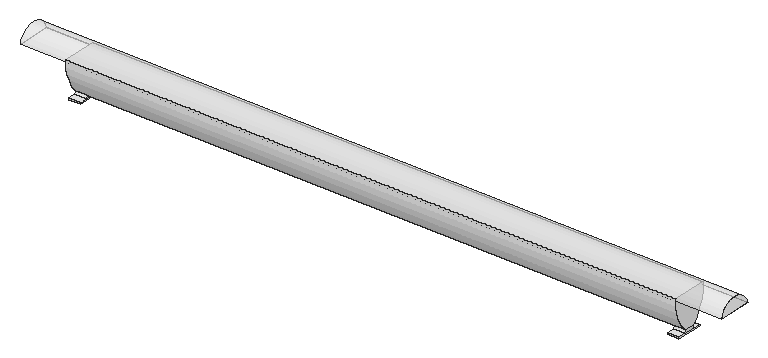
Revit family "Lighting-Linear-Acclaim-XTR H1", category Lighting Fixtures, host Face, Revit 2023
Family settings
  Host = Face
  Round Connector Dimension = Use Diameter
  Part Type = Normal
  Cut with Voids When Loaded = No
  Light Source = Yes
  Maintain Annotation Orientation = No
  Shared = No
  Room Calculation Point = No
Parameters
  Width = 2.28"
  Wattage = 9.2903 W
  built-in parameter 1150110 = 1 (stored number, unit not read)
  Voltage = 0 V
  URL = "http://www.acclaimlighting.com/"
  built-in parameter 1114217 = 1 (stored number, unit not read)
  Tilt Angle = -90.00°
  built-in parameter 1150109 = 1 (stored number, unit not read)
  built-in parameter 1150134 = 3
  built-in parameter 1150113 = 1 (stored number, unit not read)
  Power Factor = 1
  Photometric Web File = "Load File"
  Number of Poles = 1
  built-in parameter 1150142 = (empty or 0)
  Model = "Linear XTR H1"
  Manufacturer = "Acclaim Lighting"
  built-in parameter 1150105 = 109.82 (stored number, unit not read)
  Lumens = 1380 lm
  built-in parameter 1150115 = 1 (stored number, unit not read)
  built-in parameter 1150137 = (empty or 0)
  built-in parameter 1150139 = (empty or 0)
  Length = 48.00"
  built-in parameter 1150112 = 1 (stored number, unit not read)
  built-in parameter 1150114 = 1 (stored number, unit not read)
  Lamp = "LED"
  built-in parameter 1150132 = (empty or 0)
  built-in parameter 1150102 = (empty or 0)
  built-in parameter 1150107 = 3200 (stored number, unit not read)
  built-in parameter 1150138 = (empty or 0)
  built-in parameter 1150106 = 1.0982 (stored number, unit not read)
  Housing Finish = Aluminum
  Height = 3.27"
  Emit from Line Length = Length  # 48.00"
  built-in parameter 1150104 = 13.8 (stored number, unit not read)
  Dimming Lamp Color Temperature Shift = <None>
  Description = "Linear LED"
  Default Elevation = 48.00"
  Color Filter = 16777215
  built-in parameter 1114218 = 1 (stored number, unit not read)
  built-in parameter 1150133 = 10 (stored number, unit not read)
  Apparent Load = 0 VA
Reference planes (in)
  plane 1 "Center (Front/Back)": y = 0
  plane 2: z = 0
  plane 3 "Center (Left/Right)": x = 0
  plane 4: x = -2.86874
  plane 5: x = -2.08749
  plane 6: x = 2.06876
  plane 7: x = 2.85001
  plane 8: x = -24
  plane 9: x = 24
  plane 10: y = 0.88591
  plane 11: y = -0.88591
  plane 12: z = 3.27
  plane 13: y = 1.14
  plane 14: y = -1.14
  plane 15: z = 2.56
Forms (in)
  Extrusion 1, solid, material "Aluminum"
    sketch origin (0, 0, 0) x (1, 0, 0) y (0, 1, 0)
      loop
        line (-20.86874, 0.88591) -> (-20.86874, -0.88591) -> (-20.08749, -0.88591) -> (-20.08749, 0.88591) -> (-20.86874, 0.88591)
    from 0 to 0.08906
  Extrusion 2, solid, material "Aluminum"
    sketch origin (0, 0, 0) x (-1, 0, 0) y (0, -1, 0)
      loop
        line (-20.86874, -0.88591) -> (-20.08749, -0.88591) -> (-20.08749, 0.88591) -> (-20.86874, 0.88591) -> (-20.86874, -0.88591)
    from 0 to 0.08906
  Extrusion 3, solid, material "Aluminum"
    sketch origin (0, 0, 0) x (0, 1, 0) y (0, 0, 1)
      loop
        arc (-0.28434, 0.28812) -> (-0.29316, 0.17861) -> (-0.3568, 0.08906) r 0.20692
        line (-0.3568, 0.08906) -> (0, 0.08906) -> (0.3568, 0.08906)
        arc (0.3568, 0.08906) -> (0.29316, 0.17861) -> (0.28434, 0.28812) r 0.20692
        line (0.28434, 0.28812) -> (0, 0.28812) -> (-0.28434, 0.28812)
    from 20.08749 to 20.86874
  Extrusion 4, solid, material "Aluminum"
    sketch origin (0, 0, 0) x (0, 1, 0) y (0, 0, -1)
      loop
        line (-0.28434, -0.28812) -> (0, -0.28812) -> (0.28434, -0.28812)
        arc (0.28434, -0.28812) -> (0.29316, -0.17861) -> (0.3568, -0.08906) r 0.20692
        line (0.3568, -0.08906) -> (0, -0.08906) -> (-0.3568, -0.08906)
        arc (-0.3568, -0.08906) -> (-0.29316, -0.17861) -> (-0.28434, -0.28812) r 0.20692
    from 20.08749 to 20.86874
  Extrusion 5, solid, material "Aluminum"
    sketch origin (0, 0, 0) x (0, 1, 0) y (0, 0, 1)
      loop
        line (0, 0.28812) -> (0.28434, 0.28812)
        arc (0.28434, 0.28812) -> (0.95744, 1.33169) -> (1.14, 2.56) r 2.94194
        line (1.14, 2.56) -> (-1.14, 2.56)
        arc (-1.14, 2.56) -> (-0.95744, 1.33169) -> (-0.28434, 0.28812) r 2.94194
        line (-0.28434, 0.28812) -> (0, 0.28812)
    from -20.86874 to 20.86874
  Extrusion 6, solid, material "Glass, Frosted"
    sketch origin (0, 0, 0) x (0, 1, 0) y (0, 0, 1)
      loop
        arc (1.14, 2.37) -> (0, 3.27) -> (-1.14, 2.37) r 1.172
        line (-1.14, 2.37) -> (1.14, 2.37)
    from -24 to 24
Dimensions and locks (in)
  equal spacing: plane 8, plane 3 "Center (Left/Right)", plane 9
  "Length": plane 8 to plane 9
  Extrusion 2 to Extrusion 2 to plane 9 = 0.78125" locked, 3.13126" locked
  plane 8 to Extrusion 1 to Extrusion 1 = 3.13126" locked, 0.78125" locked
  equal spacing: plane 10, plane 1 "Center (Front/Back)", plane 11
  plane 10 to plane 11 = 1.77182"
  "Height": plane 12 to host face
  equal spacing: plane 13, plane 1 "Center (Front/Back)", plane 14
  "Width": plane 13 to plane 14
  aligned and locked: plane 2 to host face
  aligned and locked: level to host face
  aligned and locked: plane 11 to Extrusion 2 sketch curve
  aligned and locked: Extrusion 2 sketch curve to plane 10
  aligned and locked: Extrusion 1 to Extrusion 2  (x2)
  aligned and locked: Extrusion 2 to Extrusion 3  (x2)
  aligned and locked: Extrusion 1 to Extrusion 4  (x2)
  aligned and locked: Extrusion 5 to Extrusion 1
  aligned and locked: Extrusion 6 to plane 8
  aligned and locked: Extrusion 5 to Extrusion 2
  aligned and locked: plane 9 to Extrusion 6
Automatic sketch dimensions
  host sketch curve to host sketch curve = 96.00"  (x2)
  plane 8 to Extrusion 1 sketch curve = 3.13126"
  Extrusion 1 sketch curve to Extrusion 1 sketch curve = 0.78125"
  plane 9 to Extrusion 2 sketch curve = 3.13126"
  Extrusion 2 sketch curve to Extrusion 2 sketch curve = 0.78125"
  Extrusion 3 sketch curve to plane 1 "Center (Front/Back)" = 0.00"  (x2)
  plane 1 "Center (Front/Back)" to Extrusion 3 sketch curve = 0.28434"
  level to Extrusion 3 sketch curve = 0.08906"
  Extrusion 3 sketch curve to Extrusion 3 sketch curve = 0.07245"  (x2)
  Extrusion 3 sketch curve to Extrusion 3 sketch curve = 0.13081"
  Extrusion 3 sketch curve to Extrusion 3 sketch curve = 0.28434"
  Extrusion 3 sketch curve to Extrusion 3 sketch curve = 0.20326"
  Extrusion 3 sketch curve to Extrusion 3 sketch curve = 0.16033"
  Extrusion 4 sketch curve to plane 1 "Center (Front/Back)" = 0.00"  (x2)
  plane 1 "Center (Front/Back)" to Extrusion 4 sketch curve = 0.28434"
  level to Extrusion 4 sketch curve = 0.08906"
  Extrusion 4 sketch curve to Extrusion 4 sketch curve = 0.07245"  (x2)
  Extrusion 4 sketch curve to Extrusion 4 sketch curve = 0.20326"  (x2)
  Extrusion 4 sketch curve to Extrusion 4 sketch curve = 0.28434"
  Extrusion 4 sketch curve to Extrusion 4 sketch curve = 0.16033"
  Extrusion 1 sketch curve to plane 1 "Center (Front/Back)" = 0.88591"
  plane 1 "Center (Front/Back)" to Extrusion 1 sketch curve = 0.88591"
  Extrusion 5 sketch curve to plane 14 = 0.00"
  Extrusion 5 sketch curve to plane 1 "Center (Front/Back)" = 0.00"
  Extrusion 5 sketch curve to plane 13 = 0.00"
  Extrusion 5 sketch curve to plane 15 = 0.00"
  Extrusion 5 sketch curve to plane 15 = 0.1914"  (x2)
  plane 14 to Extrusion 5 sketch curve = 0.65571"
  Extrusion 5 sketch curve to Extrusion 5 sketch curve = 0.28434"
  Extrusion 5 sketch curve to plane 1 "Center (Front/Back)" = 0.28434"
  Extrusion 6 sketch curve to plane 14 = 0.00"
  Extrusion 6 sketch curve to plane 1 "Center (Front/Back)" = 0.00"
  Extrusion 6 sketch curve to plane 12 = 1.172"
  Extrusion 6 sketch curve to plane 12 = 0.90"
Connectors (in)
  electrical at (20.86874, 0, 1.19687), driven by "Number of Poles", driven by "Voltage", driven by "Apparent Load", driven by "Power Factor"
    settings: on Extrusion 5, index 1, voltage 0 V, apparent load 0 VA, apparent load phase1 0 VA, apparent load phase2 0 VA, apparent load phase3 0 VA, power factor 1, load classification "Other", number of poles 1, system type 31, power factor state 1, is connector primary yes, connector utility no, sub classification motor no, connector description "Power"
